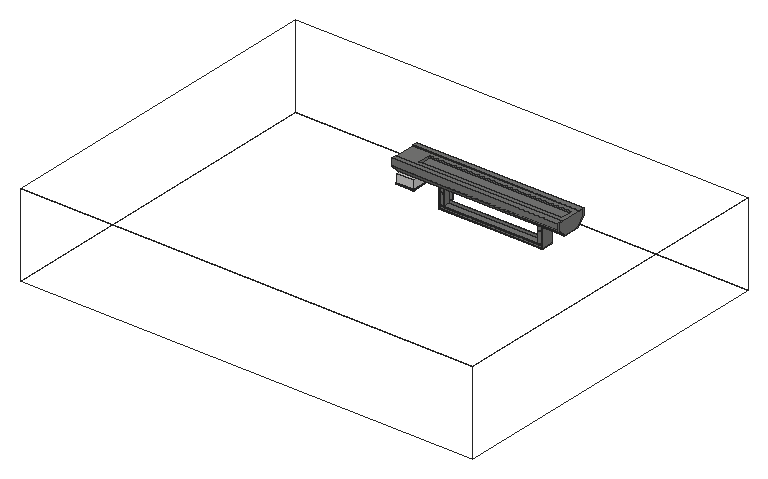
Revit family "Heater-QMark-Thermazone_Thin_Series", category Mechanical Equipment, host Face, Revit 2020
Family settings
  Host = Face
  Round Connector Dimension = Use Diameter
  Classification = None
  Part Type = Normal
  OmniClass Number = 23.75.70.17.17
  OmniClass Title = Radiation Panels
  Cut with Voids When Loaded = No
  Shared = No
  Room Calculation Point = No
Parameters (values of type "Not a Type - Load Type Catalog")
  Watts = 0 W
  Wall Mounting [instance] = yes
  Voltage = 0 V
  Version = "2020 - v1.0a"  # constant formula
  URL = "https://www.marleymep.com/"
  Total Heating Capacity = 0.0 Btu/h
  Product Page URL = "https://www.marleymep.com/products/qmark/thermazone-thin-series-commercialresidential-infrared-heater"
  Product Name = "Thermazone Thin Series - Commercial/Residential Infrared Heater"  # constant formula
  Product Documentation Link = "https://www.marleymep.com/system/files/node/file/field-file/Submittal_THERMAZONE_THIN-RadiantHeat-2-QMark.pdf"
  Power Factor = 1  # constant formula
  Phase = 1
  Number of Poles = 1  # constant formula
  Model = "Noy a Type - Load Type Catalog"
  Manufacturer = "Marley® Engineered Products"  # constant formula
  Length = 3' - 6"
  Keynote = "15500"
  Instruction Sheet Link = "https://www.marleymep.com/system/files/node/file/field-file/Instruction%20Manual_ENM-4154-01%20-%20ThermazoneThin%20-%20Qmark.pdf"
  Height = 0' - 9"  # constant formula
  Frequency = 60 Hz  # constant formula
  Clearance [instance] = yes
  C_ Thermazone Thin Series WM [instance] = Wall Mounting  # yes
  C_ Thermazone Thin Series CM [instance] = Ceiling Mounting  # no
  Description = "Infrared Heaters for Industrial/Commercial/Residential\r"  # constant formula
  Depth = 0' - 8"  # constant formula
  Default Elevation = 0' - 0"
  Copyright = "© 2015-2024, Marley Engineered Products"  # constant formula
  Ceiling Mounting [instance] = not(Wall Mounting)  # no
  Infrared Material = Paint - QMark - Powder Coated Black
  C_ Clearance Wall Mounting [instance] = if(and(Wall Mounting, Clearance), 1 = 1, 1 = 0)  # yes
  C_ Clearance Ceiling Mounting [instance] = if(and(Ceiling Mounting, Clearance), 1 = 1, 1 = 0)  # no
  Assembly Code = "D3060300"
  Amps = 0 A
Reference planes (in)
  plane 1 "Center (Front/Back)": y = 0
  plane 2: z = 0
  plane 3 "Center (Left/Right)": x = 0
Dimensions and locks (in)
  aligned and locked: plane 2 to host face
  aligned and locked: level to host face
Nested families (in)
  nested 1: "Heater-QMark-Thermazone_Thin_Series-Infrared_Heaters" at (9, 0, 0), Clearance <- "Clearance", Ceiling Mounting <- "Ceiling Mounting", visible <- "C_ Thermazone Thin Series CM", Wall Mounting <- "Wall Mounting", type "Thermazone Thin Series"
    with Wall Mounting yes, Thermazone Thin Series yes, Clearance yes, Ceiling Mounting no, C_ Clearance Wall Mounting yes, C_ Clearance Ceiling Mounting no
  nested 2: "Heater-QMark-Thermazone_Thin_Series-Infrared_Heaters" at (-10.15679, -35.24639, 0) x (-1, 0, 0) z (0, 0, 1), Clearance <- "Clearance", Wall Mounting <- "Wall Mounting", visible <- "C_ Thermazone Thin Series WM", Ceiling Mounting <- "Ceiling Mounting", type "Thermazone Thin Series"
    with Wall Mounting yes, Thermazone Thin Series yes, Clearance yes, Ceiling Mounting no, C_ Clearance Wall Mounting yes, C_ Clearance Ceiling Mounting no
Definition of nested family "Heater-QMark-Thermazone_Thin_Series-Infrared_Heaters"
  Parameters (values of type "Thermazone Thin Series")
    Watts = 0 W
    Wall Mounting [instance] = yes
    Voltage = 0 V
    Version = "2020 - v1.0a"  # constant formula
    URL = "https://www.marleymep.com/"
    Total Heating Capacity = 0.0 Btu/h
    Thermazone Thin Series [instance] = yes
    Product Page URL = "https://www.marleymep.com/products/qmark/thermazone-thin-series-commercialresidential-infrared-heater"
    Product Name = "Thermazone Thin Series - Commercial/Residential Infrared Heater"  # constant formula
    Product Documentation Link = "https://www.marleymep.com/system/files/node/file/field-file/Submittal_THERMAZONE_THIN-RadiantHeat-2-QMark.pdf"
    Power Factor = 0
    Phase = 1
    Number of Poles = 1
    Model = "Thermazone Series"
    Manufacturer = "Marley® Engineered Products"  # constant formula
    Length = 3' - 6"
    Instruction Sheet Link = "https://www.marleymep.com/system/files/node/file/field-file/Instruction%20Manual_ENM-4154-01%20-%20ThermazoneThin%20-%20Qmark.pdf"
    Height = 0' - 9"
    Frequency = 0 Hz
    Frame Material = none
    Clearance [instance] = yes
    Description = "Infrared Heaters for Industrial/Commercial/Residential\r"  # constant formula
    Depth = 0' - 8"
    Default Elevation = 4' - 0"
    Copyright = "© 2015-2024, Marley Engineered Products"  # constant formula
    Infrared Frame Material = none
    Ceiling Mounting [instance] = yes
    C_ Clearance Wall Mounting [instance] = if(and(Wall Mounting, Clearance), 1 = 1, 1 = 0)  # yes
    C_ Clearance Ceiling Mounting [instance] = if(and(Ceiling Mounting, Clearance), 1 = 1, 1 = 0)  # yes
    C_ Bracket Width = if(Length = 2' 0", 1' 4", if(Length = 3' 6", 2' 2", 1' 6"))  # 2' - 2"
    C_ Bracket Distance = if(Length = 2' 0", 0' 2", if(Length = 3' 6", 0' 6", 0' 6"))  # 0' - 6"
    Amps = 0 A
  Reference planes (in)
    plane 1 "Center (Front/Back)": y = 0
    plane 2: z = 0
    plane 3 "Center (Left/Right)": x = -9
    plane 4: x = 12
    plane 5: x = -30
    plane 6: y = 4
    plane 7: y = -4
    plane 8: z = 9
    plane 9: z = 5.3
    plane 10: z = 8.875
    plane 11: z = 8.375
    plane 12: x = 11.16797
    plane 13: x = 8.72656
    plane 14: x = 9.94727
    plane 15: x = 7.69727
    plane 16: x = 12.19727
    plane 17: z = 81
    plane 18: y = 10.875
    plane 19: y = -76
    plane 20: z = 21
  Forms (in)
    Extrusion 1, solid
      sketch origin (0, 0, 0) x (1, 0, 0) y (0, 1, 0)
        loop
          line (-48, 48) -> (-48, -48) -> (48, -48) -> (48, 48) -> (-48, 48)
      from 0 to -12
    Extrusion 2, solid, material <- "Infrared Frame Material", detail levels fine
      sketch origin (-9, 350.02278, 65.44391) x (0, -1, 0) y (0, 0, -1)
        loop
          line (346.02278, 56.44391) -> (347.27278, 56.44391) -> (347.27278, 56.56891) -> (346.14778, 56.56891) -> (346.14778, 58.14213) -> (348.02456, 60.01891) -> (352.02101, 60.01891) -> (353.89778, 58.14213) -> (353.89778, 56.56891) -> (352.77278, 56.56891) -> (352.77278, 56.44391) -> (354.02278, 56.44391) -> (354.02278, 58.19391) -> (352.07278, 60.14391) -> (347.97278, 60.14391) -> (346.02278, 58.19391) -> (346.02278, 56.44391)
      from -21 to 21
    Extrusion 3, solid, material <- "Infrared Frame Material", detail levels fine
      sketch origin (-9, 0, 0) x (0, 1, 0) y (0, 0, 1)
        loop
          line (-3.875, 8.875) -> (-3.875, 7.30178) -> (-1.99822, 5.425) -> (1.99822, 5.425) -> (3.875, 7.30178) -> (3.875, 8.875) -> (-3.875, 8.875)
      from -21 to 21
    Extrusion 4, void
      sketch origin (0, 0, 0) x (1, 0, 0) y (0, 1, 0)
        loop
          line (-29, 1.75) -> (-29, -1.75) -> (7, -1.75) -> (7, 1.75) -> (-29, 1.75)
      from 8.375 to 8.875
    Extrusion 5, solid, material <- "Infrared Frame Material", detail levels fine
      sketch origin (-9, -73.51115, -41.53452) x (0, 1, 0) y (0, 0, 1)
        loop
          line (72.01115, 41.53452) -> (75.01115, 41.53452) -> (75.01115, 41.65952) -> (72.01115, 41.65952) -> (72.01115, 41.53452)
      from -15 to 11
    Extrusion 6, solid, material <- "Infrared Frame Material", detail levels fine
      sketch origin (0, 0, 0) x (1, 0, 0) y (0, 0, 1)
        loop
          line (-24, 0.125) -> (-23.875, 0.125) -> (-23.875, 5.3) -> (-24, 5.3) -> (-24, 0.125)
      from -1.5 to 1.5
    Extrusion 7, solid, material <- "Infrared Frame Material", detail levels fine
      sketch origin (0, 0, 0) x (1, 0, 0) y (0, 1, 0)
        loop
          line (2, 1.5) -> (1.875, 1.5) -> (1.875, -1.5) -> (2, -1.5) -> (2, 1.5)
      from 0.125 to 5.3
    Extrusion 8, solid, material <- "Infrared Frame Material", detail levels fine
      sketch origin (0, 0, 0) x (1, 0, 0) y (0, 1, 0)
        loop
          line (-23.875, 1.5) -> (-23.875, 1.375) -> (1.875, 1.375) -> (1.875, 1.5) -> (-23.875, 1.5)
      from 0.125 to 0.8271
    Extrusion 9, solid, material <- "Infrared Frame Material", detail levels fine
      sketch origin (0, 0, 0) x (1, 0, 0) y (0, 1, 0)
        loop
          line (-23.875, -1.5) -> (1.875, -1.5) -> (1.875, -1.375) -> (-23.875, -1.375) -> (-23.875, -1.5)
      from 0.125 to 0.8271
    Extrusion 10, solid, material <- "Infrared Frame Material", detail levels fine
      sketch origin (0, 0, 0) x (1, 0, 0) y (0, 0, 1)
        loop
          line (1.875, 1.0771) -> (1.875, 3.8271) -> (0.875, 3.8271) -> (0.875, 1.0771) -> (1.875, 1.0771)
        loop
          line (1.875, 5.3271) -> (0.875, 5.3271) -> (0.875, 4.0771) -> (1.875, 4.0771) -> (1.875, 5.3271)
      from 1.375 to 1.5
    Extrusion 11, solid, material <- "Infrared Frame Material", detail levels fine
      sketch origin (0, 0, 0) x (1, 0, 0) y (0, 0, -1)
        loop
          line (1.875, -1.0771) -> (0.875, -1.0771) -> (0.875, -3.8271) -> (1.875, -3.8271) -> (1.875, -1.0771)
        loop
          line (1.875, -5.3271) -> (1.875, -4.0771) -> (0.875, -4.0771) -> (0.875, -5.3271) -> (1.875, -5.3271)
      from 1.375 to 1.5
    Extrusion 12, solid, material <- "Infrared Frame Material", detail levels fine
      sketch origin (-5, 0, 0) x (-1, 0, 0) y (0, 0, -1)
        loop
          line (18.875, -1.0771) -> (17.875, -1.0771) -> (17.875, -3.8271) -> (18.875, -3.8271) -> (18.875, -1.0771)
        loop
          line (18.875, -5.3271) -> (18.875, -4.0771) -> (17.875, -4.0771) -> (17.875, -5.3271) -> (18.875, -5.3271)
      from 1.375 to 1.5
    Extrusion 13, solid, material <- "Infrared Frame Material", detail levels fine
      sketch origin (-5, 0, 0) x (-1, 0, 0) y (0, 0, 1)
        loop
          line (18.875, 1.0771) -> (18.875, 3.8271) -> (17.875, 3.8271) -> (17.875, 1.0771) -> (18.875, 1.0771)
        loop
          line (18.875, 5.3271) -> (17.875, 5.3271) -> (17.875, 4.0771) -> (18.875, 4.0771) -> (18.875, 5.3271)
      from 1.375 to 1.5
    Extrusion 14, solid, material <- "Frame Material", detail levels fine
      sketch origin (-9, -130.56736, -55.69151) x (0, 1, 0) y (0, 0, 1)
        loop
          line (129.34671, 60.99151) -> (129.69236, 60.79195) -> (131.44236, 60.79195) -> (131.78801, 60.99151) -> (129.34671, 60.99151)
      from 17.72656 to 20.16797
    Extrusion 15, void
      sketch origin (0, 0, 0) x (1, 0, 0) y (0, 0, 1)
        loop
          line (8.72656, 5.3) -> (8.72656, 5.10044) -> (9.07222, 5.10044) -> (8.72656, 5.3)
        loop
          line (11.16797, 5.3) -> (10.82231, 5.10044) -> (11.16797, 5.10044) -> (11.16797, 5.3)
      from -1.22065 to 1.22065
    Extrusion 16, solid, material <- "Frame Material"
      sketch origin (-9, -130.56736, -55.69151) x (0, 1, 0) y (0, 0, 1)
        loop
          line (131.17044, 60.79195) -> (129.96428, 60.79195) -> (129.96428, 60.42251) -> (131.17044, 60.42251) -> (131.17044, 60.79195)
      from 18.34375 to 19.55078
    Extrusion 17, solid, material <- "Frame Material", detail levels fine
      sketch origin (-9, -130.56736, -55.69151) x (0, 1, 0) y (0, 0, 1)
        loop
          line (132.81736, 60.42251) -> (128.31736, 60.42251) -> (128.31736, 58.42251) -> (128.16441, 58.42251) -> (128.16441, 58.25933) -> (128.35511, 58.06863) -> (132.77961, 58.06863) -> (132.9703, 58.25933) -> (132.9703, 58.42251) -> (132.81736, 58.42251) -> (132.81736, 60.42251)
      from 16.69727 to 21.19727
    Extrusion 18, void
      sketch origin (10.10021, 3.6924, -0.36944) x (1, 0, 0) y (0, 0, 1)
        loop
          line (-2.25, 5.10044) -> (-2.40295, 5.10044) -> (-2.40295, 3.10044) -> (-2.25, 3.10044) -> (-2.25, 5.10044)
        loop
          line (-2.40295, 2.93725) -> (-2.40295, 2.74656) -> (-2.21225, 2.74656) -> (-2.40295, 2.93725)
      from 1.28946 to 6.09535
    Extrusion 19, void
      sketch origin (9.79432, 3.6924, -0.36944) x (-1, 0, 0) y (0, 0, -1)
        loop
          line (-2.25, -5.10044) -> (-2.25, -3.10044) -> (-2.40295, -3.10044) -> (-2.40295, -5.10044) -> (-2.25, -5.10044)
        loop
          line (-2.40295, -2.93725) -> (-2.21225, -2.74656) -> (-2.40295, -2.74656) -> (-2.40295, -2.93725)
      from 1.28946 to 6.09535
    Extrusion 20, solid, material <- "Infrared Frame Material", detail levels coarse+medium
      sketch origin (-9, 0, 0) x (0, 1, 0) y (0, 0, 1)
        loop
          line (-4, 9) -> (-4, 7.25) -> (-2.05, 5.3) -> (2.05, 5.3) -> (4, 7.25) -> (4, 9) -> (-4, 9)
      from -21 to 21
    Extrusion 21, solid, material <- "Infrared Frame Material", detail levels coarse+medium
      sketch origin (0, 0, 0) x (1, 0, 0) y (0, 0, 1)
        loop
          line (-22.875, 0.8271) -> (-22.875, 5.3) -> (-24, 5.3) -> (-24, 0) -> (2, 0) -> (2, 5.3) -> (0.875, 5.3) -> (0.875, 0.8271) -> (-22.875, 0.8271)
      from -1.5 to 1.5
    Extrusion 22, solid, material <- "Frame Material", detail levels coarse+medium
      sketch origin (-9, 0, 0) x (0, 1, 0) y (0, 0, 1)
        loop
          line (-1.22065, 5.3) -> (-1.22065, 5.10044) -> (1.22065, 5.10044) -> (1.22065, 5.3) -> (-1.22065, 5.3)
      from 17.72656 to 20.16797
    Extrusion 23, solid, material <- "Frame Material", detail levels coarse+medium
      sketch origin (-9, 0, 0) x (0, 1, 0) y (0, 0, 1)
        loop
          line (-2.40295, 4.731) -> (-2.40295, 2.37712) -> (2.40295, 2.37712) -> (2.40295, 4.731) -> (-2.40295, 4.731)
      from 16.69727 to 21.19727
    Extrusion 24, solid, visible <- "C_ Clearance Ceiling Mounting"
      sketch origin (20.10971, 11.35145, 72) x (1, 0, 0) y (0, 1, 0)
        loop
          line (-86.10971, -0.47645) -> (-86.10971, -32.47645) -> (27.89029, -32.47645) -> (27.89029, -0.47645) -> (-86.10971, -0.47645)
      from -72 to 9
    Extrusion 25, solid, visible <- "C_ Clearance Wall Mounting"
      sketch origin (20.10971, -16.47645, 72) x (1, 0, 0) y (0, 1, 0)
        loop
          line (-86.10971, 5.60145) -> (27.89029, 5.60145) -> (27.89029, 92.47645) -> (-86.10971, 92.47645) -> (-86.10971, 5.60145)
      from -72 to -51
  Cuts and joins
    Extrusion 4 cuts Extrusion 3
    Extrusion 15 cuts Extrusion 14
    Extrusion 18, Extrusion 19 cuts Extrusion 17
  Dimensions and locks (in)
    "Length": plane 5 to plane 4
    equal spacing: plane 5, plane 3 "Center (Left/Right)", plane 4
    "Depth": plane 7 to plane 6
    equal spacing: plane 7, plane 1 "Center (Front/Back)", plane 6
    locked: plane 5 to Extrusion 4 sketch curve at 1
    locked: Extrusion 4 sketch curve to plane 4 at 5
    "Height": plane 8 to Extrusion 1
    "C_ Bracket Distance": plane 5 to Extrusion 6
    "C_ Bracket Width": Extrusion 6 to Extrusion 7
    Extrusion 10 to Extrusion 10 to Extrusion 7 = 0' - 1" locked, 0' - 0 1/8" locked
    locked: Extrusion 7 to Extrusion 5 at 0.125
    Extrusion 11 to Extrusion 11 to Extrusion 7 = 0' - 1" locked, 0' - 0 1/8" locked  (x2)
    locked: plane 13 to Extrusion 16 at 0.61719
    locked: Extrusion 16 to plane 12 at 0.61719
    locked: plane 15 to plane 4 at 4.30273
    "C_ Bracket Distance": plane 5 to Extrusion 21
    "C_ Bracket Width": Extrusion 21 to Extrusion 21
    locked: Extrusion 21 sketch curve to Extrusion 21 sketch curve at 1.125  (x2)
    locked: Extrusion 24 sketch curve to plane 5 at 36
    locked: plane 4 to Extrusion 24 sketch curve at 36
    aligned and locked: plane 2 to Extrusion 1
    aligned and locked: level to Extrusion 1
    aligned and locked: Extrusion 2 to plane 4
    aligned and locked: Extrusion 2 to plane 5
    aligned and locked: Extrusion 3 to plane 4
    aligned and locked: Extrusion 3 to plane 5
    aligned and locked: Extrusion 2 to Extrusion 4
    aligned and locked: Extrusion 4 to plane 11
    aligned and locked: Extrusion 5 to Extrusion 6  (x2)
    aligned and locked: plane 9 to Extrusion 7
    aligned and locked: Extrusion 7 to Extrusion 5  (x2)
    aligned and locked: Extrusion 8 to Extrusion 6
    aligned and locked: Extrusion 8 to Extrusion 7
    aligned and locked: Extrusion 8 to Extrusion 5
    aligned and locked: Extrusion 9 to Extrusion 7
    aligned and locked: Extrusion 9 to Extrusion 6
    aligned and locked: Extrusion 10 to Extrusion 7
    aligned and locked: Extrusion 11 to Extrusion 7
    aligned and locked: Extrusion 13 to Extrusion 6
    aligned and locked: Extrusion 12 to Extrusion 6
    aligned and locked: Extrusion 6 to Extrusion 5
    aligned and locked: Extrusion 15 to Extrusion 14
    aligned and locked: plane 13 to Extrusion 14
    aligned and locked: Extrusion 14 to plane 12
    aligned and locked: plane 15 to Extrusion 17
    aligned and locked: plane 16 to Extrusion 17
    aligned and locked: Extrusion 20 to plane 5
    aligned and locked: Extrusion 20 to plane 4
    aligned and locked: Extrusion 21 to Extrusion 5  (x2)
    aligned and locked: Extrusion 22 to plane 12
    aligned and locked: plane 13 to Extrusion 22
    aligned and locked: plane 16 to Extrusion 23
    aligned and locked: plane 15 to Extrusion 23
  Automatic sketch dimensions
    Extrusion 1 sketch curve to Extrusion 1 sketch curve = 8' - 0"  (x2)
    Extrusion 2 sketch curve to plane 6 = 0' - 0"
    Extrusion 2 sketch curve to plane 10 = 0' - 0"  (x2)
    Extrusion 2 sketch curve to plane 8 = 0' - 0"  (x2)
    Extrusion 2 sketch curve to plane 9 = 0' - 0"
    Extrusion 2 sketch curve to plane 7 = 0' - 0"
    plane 6 to Extrusion 2 sketch curve = 0' - 0 1/8"
    Extrusion 2 sketch curve to Extrusion 2 sketch curve = 0' - 1 1/8"
    plane 6 to Extrusion 2 sketch curve = 0' - 1.95"
    plane 9 to Extrusion 2 sketch curve = 0' - 0 1/8"
    Extrusion 2 sketch curve to Extrusion 2 sketch curve = 0' - 0.05178"  (x4)
    plane 1 "Center (Front/Back)" to Extrusion 2 sketch curve = 0' - 1.99822"
    plane 7 to Extrusion 2 sketch curve = 0' - 1 1/4"
    plane 7 to Extrusion 2 sketch curve = 0' - 0 1/8"
    Extrusion 2 sketch curve to plane 11 = 0' - 1.07322"  (x2)
    Extrusion 3 sketch curve to plane 10 = 0' - 0"
    plane 7 to Extrusion 3 sketch curve = 0' - 0 1/8"
    plane 9 to Extrusion 3 sketch curve = 0' - 0 1/8"
    plane 1 "Center (Front/Back)" to Extrusion 3 sketch curve = 0' - 1.99822"
    Extrusion 3 sketch curve to plane 1 "Center (Front/Back)" = 0' - 1.99822"
    plane 6 to Extrusion 3 sketch curve = 0' - 0 1/8"
    Extrusion 3 sketch curve to plane 11 = 0' - 1.07322"  (x2)
    plane 1 "Center (Front/Back)" to Extrusion 4 sketch curve = 0' - 1 3/4"
    Extrusion 4 sketch curve to plane 1 "Center (Front/Back)" = 0' - 1 3/4"
    Extrusion 5 sketch curve to level = 0' - 0"
    plane 1 "Center (Front/Back)" to Extrusion 5 sketch curve = 0' - 1 1/2"
    level to Extrusion 5 sketch curve = 0' - 0 1/8"
    Extrusion 5 sketch curve to plane 1 "Center (Front/Back)" = 0' - 1 1/2"
    Extrusion 6 sketch curve to plane 9 = 0' - 0"
    plane 5 to Extrusion 6 sketch curve = 0' - 6"
    Extrusion 6 sketch curve to Extrusion 6 sketch curve = 0' - 0 1/8"
    level to Extrusion 6 sketch curve = 0' - 0 1/8"
    Extrusion 7 sketch curve to plane 1 "Center (Front/Back)" = 0' - 1 1/2"
    plane 15 to Extrusion 7 sketch curve = 0' - 5.82227"
    Extrusion 7 sketch curve to Extrusion 7 sketch curve = 0' - 0 1/8"
    plane 1 "Center (Front/Back)" to Extrusion 7 sketch curve = 0' - 1 1/2"
    Extrusion 8 sketch curve to plane 1 "Center (Front/Back)" = 0' - 1 1/2"
    plane 5 to Extrusion 8 sketch curve = 0' - 6 1/8"
    Extrusion 8 sketch curve to plane 1 "Center (Front/Back)" = 0' - 1 3/8"
    plane 15 to Extrusion 8 sketch curve = 0' - 5.82227"
    Extrusion 9 sketch curve to plane 1 "Center (Front/Back)" = 0' - 1 1/2"
    Extrusion 9 sketch curve to plane 5 = 0' - 6 1/8"
    Extrusion 9 sketch curve to plane 1 "Center (Front/Back)" = 0' - 1 3/8"
    Extrusion 9 sketch curve to plane 15 = 0' - 5.82227"
    Extrusion 10 sketch curve to plane 9 = 0' - 1.4729"
    plane 15 to Extrusion 10 sketch curve = 0' - 6.82227"
    plane 9 to Extrusion 10 sketch curve = 0' - 0.0271"
    Extrusion 10 sketch curve to Extrusion 10 sketch curve = 0' - 0"
    Extrusion 10 sketch curve to Extrusion 10 sketch curve = 0' - 1"  (x2)
    level to Extrusion 10 sketch curve = 0' - 1.0771"
    Extrusion 10 sketch curve to Extrusion 10 sketch curve = 0' - 0 1/4"
    Extrusion 11 sketch curve to plane 9 = 0' - 1.4729"
    plane 15 to Extrusion 11 sketch curve = 0' - 6.82227"
    plane 9 to Extrusion 11 sketch curve = 0' - 0.0271"
    Extrusion 11 sketch curve to Extrusion 11 sketch curve = 0' - 0"
    Extrusion 11 sketch curve to Extrusion 11 sketch curve = 0' - 1"  (x2)
    Extrusion 11 sketch curve to Extrusion 11 sketch curve = 0' - 0 1/4"
    level to Extrusion 11 sketch curve = 0' - 1.0771"
    plane 9 to Extrusion 12 sketch curve = 0' - 1.4729"
    Extrusion 12 sketch curve to plane 5 = 0' - 7 1/8"
    Extrusion 12 sketch curve to plane 9 = 0' - 0.0271"
    Extrusion 12 sketch curve to Extrusion 12 sketch curve = 0' - 0"
    Extrusion 12 sketch curve to Extrusion 12 sketch curve = 0' - 1"  (x2)
    Extrusion 12 sketch curve to level = 0' - 1.0771"
    Extrusion 12 sketch curve to Extrusion 12 sketch curve = 0' - 0 1/4"
    Extrusion 13 sketch curve to plane 9 = 0' - 1.4729"
    plane 5 to Extrusion 13 sketch curve = 0' - 7 1/8"
    plane 9 to Extrusion 13 sketch curve = 0' - 0.0271"
    Extrusion 13 sketch curve to Extrusion 13 sketch curve = 0' - 0"
    Extrusion 13 sketch curve to Extrusion 13 sketch curve = 0' - 1"  (x2)
    level to Extrusion 13 sketch curve = 0' - 1.0771"
    Extrusion 13 sketch curve to Extrusion 13 sketch curve = 0' - 0 1/4"
    Extrusion 14 sketch curve to plane 9 = 0' - 0"
    plane 1 "Center (Front/Back)" to Extrusion 14 sketch curve = 0' - 1.22065"
    Extrusion 14 sketch curve to plane 9 = 0' - 0.19956"
    Extrusion 14 sketch curve to Extrusion 14 sketch curve = 0' - 0.34565"  (x2)
    Extrusion 14 sketch curve to plane 1 "Center (Front/Back)" = 0' - 0 7/8"
    Extrusion 15 sketch curve to plane 9 = 0' - 0"  (x2)
    plane 13 to Extrusion 15 sketch curve = 0' - 0"
    plane 12 to Extrusion 15 sketch curve = 0' - 0"
    Extrusion 15 sketch curve to plane 13 = 0' - 0.34565"
    Extrusion 15 sketch curve to Extrusion 15 sketch curve = 0' - 0.34565"
    Extrusion 15 sketch curve to plane 9 = 0' - 0.19956"  (x2)
    Extrusion 16 sketch curve to plane 9 = 0' - 0.19956"
    plane 1 "Center (Front/Back)" to Extrusion 16 sketch curve = 0' - 0.60308"
    Extrusion 16 sketch curve to plane 1 "Center (Front/Back)" = 0' - 0.60308"
    Extrusion 16 sketch curve to Extrusion 16 sketch curve = 0' - 0.36944"
    plane 7 to Extrusion 17 sketch curve = 0' - 1.59705"
    Extrusion 17 sketch curve to Extrusion 17 sketch curve = 0' - 0.15295"  (x2)
    Extrusion 17 sketch curve to Extrusion 17 sketch curve = 0' - 0.1907"  (x3)
    plane 6 to Extrusion 17 sketch curve = 0' - 1.78775"
    Extrusion 17 sketch curve to Extrusion 17 sketch curve = 0' - 0.03775"
    level to Extrusion 17 sketch curve = 0' - 2.37712"
    Extrusion 17 sketch curve to Extrusion 17 sketch curve = 0' - 0.16318"  (x2)
    Extrusion 17 sketch curve to plane 9 = 0' - 0.569"
    plane 15 to Extrusion 18 sketch curve = 0' - 0"  (x2)
    Extrusion 18 sketch curve to plane 15 = 0' - 0.15295"
    Extrusion 18 sketch curve to plane 15 = 0' - 0.1907"
    level to Extrusion 18 sketch curve = 0' - 2.37712"
    Extrusion 18 sketch curve to Extrusion 18 sketch curve = 0' - 0.1907"
    Extrusion 18 sketch curve to Extrusion 18 sketch curve = 0' - 0.16318"
    Extrusion 18 sketch curve to plane 9 = 0' - 0.569"
    Extrusion 19 sketch curve to plane 16 = 0' - 0"  (x2)
    Extrusion 19 sketch curve to plane 4 = 0' - 0.04432"
    Extrusion 19 sketch curve to plane 4 = 0' - 0.00657"
    Extrusion 19 sketch curve to plane 9 = 0' - 0.569"
    Extrusion 19 sketch curve to Extrusion 19 sketch curve = 0' - 2"
    Extrusion 19 sketch curve to Extrusion 19 sketch curve = 0' - 0.16318"
    Extrusion 19 sketch curve to Extrusion 19 sketch curve = 0' - 0.1907"
    Extrusion 20 sketch curve to plane 7 = 0' - 0"
    Extrusion 20 sketch curve to plane 9 = 0' - 0"
    Extrusion 20 sketch curve to plane 6 = 0' - 0"
    Extrusion 20 sketch curve to plane 8 = 0' - 0"
    plane 7 to Extrusion 20 sketch curve = 0' - 1.95"
    plane 6 to Extrusion 20 sketch curve = 0' - 1.95"
    Extrusion 20 sketch curve to plane 11 = 0' - 1 1/8"  (x2)
    Extrusion 21 sketch curve to level = 0' - 0"
    Extrusion 21 sketch curve to plane 9 = 0' - 0"  (x2)
    plane 5 to Extrusion 21 sketch curve = 0' - 6"
    level to Extrusion 21 sketch curve = 0' - 0.8271"
    plane 15 to Extrusion 21 sketch curve = 0' - 6.82227"
    Extrusion 22 sketch curve to plane 9 = 0' - 0"
    Extrusion 22 sketch curve to plane 9 = 0' - 0.19956"
    plane 1 "Center (Front/Back)" to Extrusion 22 sketch curve = 0' - 1.22065"
    Extrusion 22 sketch curve to plane 1 "Center (Front/Back)" = 0' - 1.22065"
    plane 7 to Extrusion 23 sketch curve = 0' - 1.59705"
    plane 6 to Extrusion 23 sketch curve = 0' - 1.59705"
    level to Extrusion 23 sketch curve = 0' - 2.37712"
    Extrusion 23 sketch curve to plane 9 = 0' - 0.569"
    plane 18 to Extrusion 24 sketch curve = 0' - 0"
    Extrusion 24 sketch curve to plane 7 = 1' - 5 1/8"
    Extrusion 25 sketch curve to plane 5 = 3' - 0"
    plane 16 to Extrusion 25 sketch curve = 2' - 11.80273"
    Extrusion 25 sketch curve to plane 7 = 0' - 6 7/8"
    Extrusion 25 sketch curve to plane 18 = 5' - 5 1/8"
Types in the file's own list only (14): name | Watts | Voltage | Total Heating Capacity | Model | Length | Description | Amps
  QR-STT-U18-1091B | 1091 W | 120 V | 3720.0 Btu/h | "QR-STT-U18-1091B" | 2' - 0" | "Infrared Heaters for Industrial/Commercial/Residential" | 9 A
  QR-STT-U18-1330B | 1330 W | 120 V | 4538.0 Btu/h | "QR-STT-U18-1330B" | 2' - 0" | "Infrared Heaters for Industrial/Commercial/Residential" | 12 A
  QR-STT-U18-1767B | 1767 W | 120 V | 6029.0 Btu/h | "QR-STT-U18-1767B" | 2' - 0" | "Infrared Heaters for Industrial/Commercial/Residential" | 15 A
  QR-STT-U18-2161B | 2161 W | 120 V | 7373.0 Btu/h | "QR-STT-U18-2161B" | 2' - 0" | "Infrared Heaters for Industrial/Commercial/Residential" | 18 A
  QR-STT-U36-2180V | 2180 W | 208 V | 7438.0 Btu/h | "QR-STT-U36-2180V" | 3' - 6" | "Infrared Heaters for Industrial/Commercial/Residential" | 7 A
  QR-STT-U36-1635V | 1635 W | 240 V | 5578.0 Btu/h | "QR-STT-U36-1635V" | 3' - 6" | "Infrared Heaters for Industrial/Commercial/Residential" | 9 A
  QR-STT-U36-2660V | 2660 W | 208 V | 9076.0 Btu/h | "QR-STT-U36-2660V" | 3' - 6" | "Infrared Heaters for Industrial/Commercial/Residential" | 9 A
  QR-STT-U36-2071V | 2071 W | 240 V | 7066.0 Btu/h | "QR-STT-U36-2071V" | 3' - 6" | "Infrared Heaters for Industrial/Commercial/Residential" | 12 A
  QR-STT-U36-3104V | 3104 W | 208 V | 10591.0 Btu/h | "QR-STT-U36-3104V" | 3' - 6" | "Infrared Heaters for Industrial/Commercial/Residential" | 10 A
  QR-STT-U36-2328V | 2328 W | 240 V | 7943.0 Btu/h | "QR-STT-U36-2328V" | 3' - 6" | "Infrared Heaters for Industrial/Commercial/Residential" | 13 A
  QR-STT-U36-3534V | 3534 W | 208 V | 12058.0 Btu/h | "QR-STT-U36-3534V" | 3' - 6" | "Infrared Heaters for Industrial/Commercial/Residential" | 11 A
  QR-STT-U36-2661V | 2661 W | 240 V | 9079.0 Btu/h | "QR-STT-U36-2661V" | 3' - 6" | "Infrared Heaters for Industrial/Commercial/Residential" | 15 A
  QR-STT-U36-4322V | 4322 W | 208 V | 14747.0 Btu/h | "QR-STT-U36-4322V" | 3' - 6" | "Infrared Heaters for Industrial/Commercial/Residential" | 16 A
  QR-STT-U36-3242V | 3242 W | 240 V | 11062.0 Btu/h | "QR-STT-U36-3242V" | 3' - 6" | "Infrared Heaters for Industrial/Commercial/Residential" | 18 A
